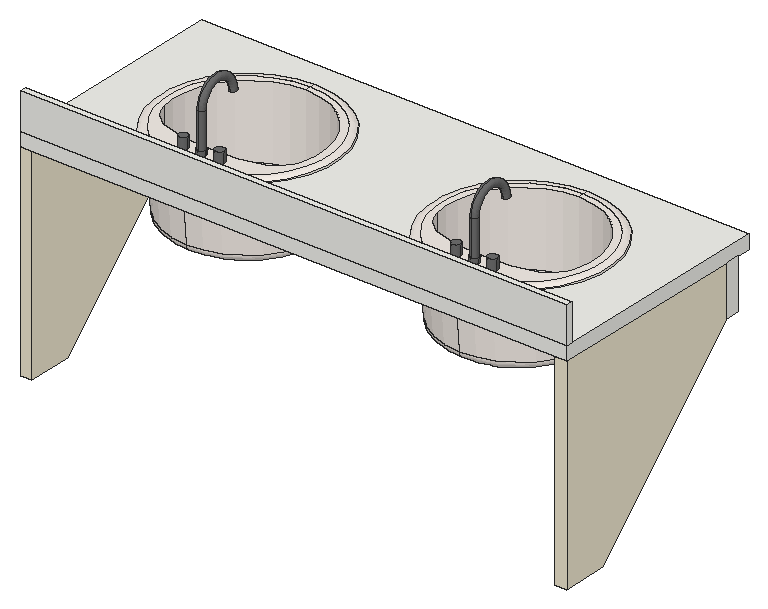
Revit family "Counter Top w Sinks-3D", category Casework, host Wall, Revit 2021
Family settings
  Host = Wall
  Always vertical = Yes
  Cut with Voids When Loaded = No
  Shared = Yes
  Room Calculation Point = No
Parameters (values of type "60"")
  Number Of Sinks [instance] = Length / 2' 6"  # 2
  Height = 2' - 10"
  Distance To Sink Center [instance] = Length / (Number Of Sinks * 2) * 1  # 1' - 3"
  Default Elevation = 0' - 0"
  Counter Top Material = Counter Top
  Base Material = Laminate
  Assembly Code = "C1030400"
  Clear Space = 2' - 3"
  Counter Thickness = 0' - 1 1/2"
  Depth = 2' - 1"
  Length [instance] = 5' - 0"
Reference planes (in)
  plane 1: y = 0
  plane 2 "Top Of Counter": z = 34
  plane 3: y = 4
  plane 4: x = 13.05865
  plane 5: z = 32.5
  plane 6: y = 29
  plane 7 "Right": x = -43.94135
  plane 8 "Center (L/R)": x = 16.05865
  plane 9: z = 27
  plane 10 "Mid": x = -13.94135
  plane 11: x = -28.94135
  plane 12: y = 16.5
  plane 13: x = 1.05865
Forms (in)
  Extrusion 1, solid, material "Counter Top" <- "Counter Top Material"
    sketch origin (0, 0, 34) x (0, 1, 0) y (-1, 0, 0)
      loop
        line (4, 43.94135) -> (4, -16.05865) -> (29, -16.05865) -> (29, 43.94135) -> (4, 43.94135)
    from 0 to -1.5
  Extrusion 2, solid, material "Counter Top" <- "Counter Top Material"
    sketch origin (0, 0, 34) x (0, 1, 0) y (-1, 0, 0)
      loop
        line (4, 43.94135) -> (4, -16.05865) -> (4.75, -16.05865) -> (4.75, 43.94135) -> (4, 43.94135)
    from 0 to 4
  Extrusion 3, solid, material "Counter Top" <- "Counter Top Material"
    sketch origin (16.05865, 0, 0) x (0, -1, 0) y (0, 0, 1)
      loop
        line (-27.5, 32.5) -> (-27.5, 27) -> (-26, 27) -> (-26, 32.5) -> (-27.5, 32.5)
    from 0 to 60
  Extrusion 4, solid, material "Laminate" <- "Base Material"
    sketch origin (16.05865, 0, 0) x (0, -1, 0) y (0, 0, 1)
      loop
        line (-26, 32.5) -> (-26, 27) -> (-9, 10) -> (-4, 10) -> (-4, 32.5) -> (-26, 32.5)
    from 0 to 1.25
  Extrusion 5, solid, material "Laminate" <- "Base Material"
    sketch origin (-43.94135, 0, 0) x (0, 1, 0) y (0, 0, 1)
      loop
        line (26, 32.5) -> (4, 32.5) -> (4, 10) -> (9, 10) -> (26, 27) -> (26, 32.5)
    from 0 to 1.25
  Extrusion 6, void
    sketch origin (-9, 0, 0) x (1, 0, 0) y (0, 1, 0)
      loop
        circle (-19.94135, 16.5) r 9
    from 27 to 34
  Extrusion 7, void
    sketch origin (21, 0, 0) x (1, 0, 0) y (0, 1, 0)
      loop
        circle (-19.94135, 16.5) r 9
    from 27 to 34
Cuts and joins
  Extrusion 6, Extrusion 7 cuts Extrusion 1
  Extrusion 6, Extrusion 7 cuts Extrusion 2
  Extrusion 6, Extrusion 7 cuts Extrusion 3
  Extrusion 6, Extrusion 7 cuts Extrusion 4
  Extrusion 6, Extrusion 7 cuts Extrusion 5
Lines and regions (in)
  symbolic lines
    curve 1: line (16.05865, 4.75, 0) -> (-43.94135, 4.75, 0)
    curve 2: line (-43.94135, 4, 0) -> (16.05865, 4, 0)
    curve 3: line (-43.94135, 29, 0) -> (-43.94135, 4, 0)
    curve 4: line (16.05865, 29, 0) -> (-43.94135, 29, 0)
    curve 5: line (16.05865, 4, 0) -> (16.05865, 29, 0)
Text (in)
  text "Interior" at (0, 40.15149, 123.01588), in view "Right"
  text "Interior" at (55.94825, 10.67177, 0), in view "Floor Line"
  text "Interior" at (0, 47.49176, 92.21547), in view "Left"
Dimensions and locks (in)
  "Height": host wall to plane 2 "Top Of Counter"
  "Counter Thickness": plane 5 to plane 2 "Top Of Counter"
  "Depth": plane 3 to plane 6
  "Length": plane 7 "Right" to plane 8 "Center (L/R)"
  "Clear Space": level to plane 9
  equal spacing: plane 7 "Right", plane 10 "Mid", plane 8 "Center (L/R)"
  equal spacing: plane 6, plane 12, plane 3
  group 1 to group 2 = 2' - 6"
  group 1 to group 2 = 0' - 0"  (x2)
  "Distance To Sink Center": plane 7 "Right" to plane 11
  "Distance To Sink Center": plane 13 to plane 8 "Center (L/R)"
  aligned and locked: plane 3 to host wall
  aligned and locked: Extrusion 1 to plane 8 "Center (L/R)"
  aligned and locked: Extrusion 1 sketch curve to plane 8 "Center (L/R)"
  aligned and locked: Extrusion 1 sketch curve to plane 7 "Right"
  aligned and locked: Extrusion 1 to plane 2 "Top Of Counter"  (x2)
  aligned and locked: Extrusion 1 to plane 5
  aligned and locked: Extrusion 1 to Extrusion 3 sketch curve
  aligned and locked: Extrusion 3 sketch curve to plane 9
  aligned and locked: Extrusion 1 to Extrusion 3  (x2)
  aligned and locked: plane 2 "Top Of Counter" to nested 1
  aligned and locked: Extrusion 6 to plane 2 "Top Of Counter"
  aligned and locked: cut or joined group of Extrusion 3, Extrusion 6, Extrusion 7 to Extrusion 6
  aligned and locked: nested 1 to plane 11
  aligned and locked: nested 1 to plane 12
  aligned and locked: plane 13 to nested 2
  aligned and locked: nested 2 to plane 12
Automatic sketch dimensions
  Extrusion 2 sketch curve to plane 3 = 0' - 0"
  Extrusion 1 sketch curve to host wall = 0' - 0"
  Extrusion 1 sketch curve to plane 6 = 0' - 0"
  Extrusion 2 sketch curve to plane 8 "Center (L/R)" = 0' - 0"
  Extrusion 2 sketch curve to plane 7 "Right" = 0' - 0"
  Extrusion 2 sketch curve to Extrusion 2 sketch curve = 0' - 0 3/4"
  Extrusion 3 sketch curve to plane 6 = 0' - 1 1/2"
  Extrusion 3 sketch curve to Extrusion 3 sketch curve = 0' - 1 1/2"
  Extrusion 4 sketch curve to plane 5 = 0' - 0"
  Extrusion 4 sketch curve to host wall = 0' - 0"
  host wall to Extrusion 4 sketch curve = 0' - 5"
  Extrusion 4 sketch curve to plane 6 = 0' - 3"
  Extrusion 4 sketch curve to Extrusion 4 sketch curve = 0' - 5 1/2"
  level to Extrusion 4 sketch curve = 0' - 10"
  Extrusion 5 sketch curve to host wall = 0' - 0"
  Extrusion 5 sketch curve to plane 5 = 0' - 0"
  host wall to Extrusion 5 sketch curve = 0' - 5"
  Extrusion 5 sketch curve to plane 6 = 0' - 3"
  Extrusion 5 sketch curve to Extrusion 5 sketch curve = 0' - 5 1/2"
  level to Extrusion 5 sketch curve = 0' - 10"
  curve 3 to plane 7 "Right" = 0' - 0"
  curve 5 to host wall = 0' - 0"
  curve 5 to plane 8 "Center (L/R)" = 0' - 0"
  curve 5 to plane 6 = 0' - 0"
  curve 2 to curve 1 = 0' - 0 3/4"
  Extrusion 6 sketch curve to Extrusion 6 sketch curve = 0' - 9"
  Extrusion 7 sketch curve to Extrusion 7 sketch curve = 0' - 9"
  Extrusion 6 sketch curve to Extrusion 6 sketch curve = 0' - 0"  (x2)
  Extrusion 7 sketch curve to Extrusion 7 sketch curve = 0' - 0"  (x2)
Nested families (in)
  nested 1: "Sink Vanity-Round" at (-25.13616, 19.85306, 3) x (-1, 0, 0) z (0, 0, 1), type "19" x 19""
  nested 2: "Sink Vanity-Round" at (4.86384, 19.85306, 3) x (-1, 0, 0) z (0, 0, 1), type "19" x 19""
Definition of nested family "Sink Vanity-Round"
  Parameters
    Default Elevation = 0' - 0"
    Assembly Code = "D2010400"
    Basin Material = none
    Faucet Material = none
    Top Of Counter = 2' - 7"
  Reference planes (in)
    plane 1: z = 0
    plane 2 "Center (Left/Right)": x = 3.80519
    plane 3: z = 31
    plane 4: z = 31.375
    plane 5: x = -5.69481
    plane 6: x = 13.30519
    plane 7: y = 3.35306
    plane 8: y = 12.85306
    plane 9: y = -6.14694
    plane 10: y = 5.36427
    plane 11 "cold": x = 5.80519
    plane 12 "hot": x = 1.80519
    plane 13: y = 9.72806
    plane 14 "sweep": x = 3.80519
    plane 15: y = 9.72806
    plane 16: z = 32.5
    plane 17: z = 22.5
    plane 18: z = 31.8567
  Forms (in)
    Revolve 1, solid, material <- "Basin Material"
      sketch origin (3.80519, 0, 0) x (0, 1, 0) y (0, 0, 1)
        loop
          line (12.85306, 31) -> (12.85306, 31.15625)
          arc (12.85306, 31.15625) -> (12.46659, 31.34741) -> (12.03632, 31.375) r 1.0978
          line (12.03632, 31.375) -> (3.35306, 31.375) -> (3.35306, 22.5) -> (10.92369, 22.5)
          arc (10.92369, 22.5) -> (11.50477, 22.74582) -> (11.733, 23.33403) r 0.80967
          line (11.733, 23.33403) -> (12.38431, 31) -> (12.85306, 31)
        axis (3.35306, 31.375) -> (3.35306, 22.5)
      angle from 0 to 360
    Extrusion 2, solid
      sketch origin (0, 0, 0) x (1, 0, 0) y (0, 1, 0)
        loop
          circle (3.80519, 3.35306) r 0.8125
      from 23.33403 to 22.5
    Extrusion 3, solid, material <- "Faucet Material"
      sketch origin (0, 0, 0) x (1, 0, 0) y (0, 1, 0)
        loop
          circle (5.80519, 9.72806) r 0.5
      from 32.5 to 31.375
    Extrusion 4, solid, material <- "Faucet Material"
      sketch origin (-4, 0, 0) x (1, 0, 0) y (0, 1, 0)
        loop
          circle (5.80519, 9.72806) r 0.5
      from 32.5 to 31.375
    Extrusion 5, solid, material <- "Faucet Material"
      sketch origin (-2, 0, 0) x (1, 0, 0) y (0, 1, 0)
        loop
          circle (5.80519, 9.72806) r 0.5
      from 31.375 to 31.8567
    Sweep 6, solid, material <- "Faucet Material"
      path origin (3.80519, 0, 0) x (0, -1, 0) y (0, 0, 1)
        loop
          line (-9.72806, 31.375) -> (-9.72806, 35.8125)
          arc (-9.72806, 35.8125) -> (-7.54617, 37.99439) -> (-5.36427, 35.8125) r 2.18189
      profile origin (3.80519, 0, 33.59375) x (0, 1, 0) y (-1, 0, 0)
        loop
          circle (9.72806, 0) r 0.375
    Extrusion 7, void
      sketch origin (0, 0, 0) x (1, 0, 0) y (0, 1, 0)
        loop
          arc (-2.05329, 7.64119) -> (-3.16704, 6.66816) -> (-3.86497, 5.36427) r 4.11612
          arc (-3.86497, 5.36427) -> (3.80519, -4.5764) -> (11.47535, 5.36427) r 7.92946
          arc (11.47535, 5.36427) -> (10.77741, 6.66816) -> (9.66366, 7.64119) r 4.11612
          arc (9.66366, 7.64119) -> (3.80519, 8.63253) -> (-2.05329, 7.64119) r 17.80642
      from 31.375 to 23.33403
  Cuts and joins
    Extrusion 7 cuts Revolve 1
    Extrusion 7 cuts Extrusion 2
    Extrusion 7 cuts Extrusion 3
    Extrusion 7 cuts Extrusion 4
    Extrusion 7 cuts Extrusion 5
    Extrusion 7 cuts Sweep 6
  Lines and regions (in)
    symbolic lines
      curve 1: arc (13.30519, 3.35306, 0) -> (3.80519, 12.85306, 0) -> (-5.69481, 3.35306, 0) r 9.5
      curve 2: arc (-5.69481, 3.35306, 0) -> (3.80519, -6.14694, 0) -> (13.30519, 3.35306, 0) r 9.5
      curve 3: arc (4.61769, 3.35306, 0) -> (3.80519, 4.16556, 0) -> (2.99269, 3.35306, 0) r 0.8125
      curve 4: arc (2.99269, 3.35306, 0) -> (3.80519, 2.54056, 0) -> (4.61769, 3.35306, 0) r 0.8125
      curve 5: arc (6.30519, 9.72806, 0) -> (5.80519, 10.22806, 0) -> (5.30519, 9.72806, 0) r 0.5
      curve 6: arc (5.30519, 9.72806, 0) -> (5.80519, 9.22806, 0) -> (6.30519, 9.72806, 0) r 0.5
      curve 7: arc (4.18019, 9.72806, 0) -> (3.80519, 10.10306, 0) -> (3.43019, 9.72806, 0) r 0.375
      curve 8: arc (2.30519, 9.72806, 0) -> (1.80519, 10.22806, 0) -> (1.30519, 9.72806, 0) r 0.5
      curve 9: arc (1.30519, 9.72806, 0) -> (1.80519, 9.22806, 0) -> (2.30519, 9.72806, 0) r 0.5
      curve 10: arc (-3.86497, 5.36427, 0) -> (3.80519, -4.5764, 0) -> (11.47535, 5.36427, 0) r 7.92946
      curve 11: arc (-3.86497, 5.36427, 0) -> (-3.16704, 6.66816, 0) -> (-2.05329, 7.64119, 0) r 4.11612
      curve 12: arc (11.47535, 5.36427, 0) -> (10.77741, 6.66816, 0) -> (9.66366, 7.64119, 0) r 4.11612
      curve 13: arc (-2.05329, 7.64119, 0) -> (0.64959, 8.35069, 0) -> (3.43019, 8.62858, 0) r 17.80642
      curve 14: line (3.43019, 9.72806, 0) -> (3.43019, 5.36427, 0)
      curve 15: line (4.18019, 9.72806, 0) -> (4.18019, 5.36427, 0)
      curve 16: arc (3.43019, 5.36427, 0) -> (3.80519, 4.98927, 0) -> (4.18019, 5.36427, 0) r 0.375
      curve 17: arc (4.18019, 8.62858, 0) -> (6.96078, 8.35069, 0) -> (9.66366, 7.64119, 0) r 17.80642
  Dimensions and locks (in)
    locked: plane 4 to plane 3 at 0.375
    locked: plane 5 to plane 2 "Center (Left/Right)" at 9.5
    locked: plane 2 "Center (Left/Right)" to plane 6 at 9.5
    plane 7 to plane 8 = 0' - 9 1/2"
    plane 9 to plane 7 = 0' - 9 1/2"
    plane 1 to plane 3 = 2' - 7"
    locked: plane 12 "hot" to plane 2 "Center (Left/Right)" at 2
    locked: plane 2 "Center (Left/Right)" to plane 11 "cold" at 2
    locked: plane 13 to plane 8 at 3.125
    "Top Of Counter": plane 3 to plane 1
    locked: plane 16 to plane 3 at 1.5
    locked: plane 3 to plane 17 at 8.5
    plane 18 to plane 4 = 0' - 0.4817"
    aligned and locked: plane 16 to Extrusion 3
    aligned and locked: plane 4 to Extrusion 3
    aligned and locked: Extrusion 3 to Extrusion 4
    aligned and locked: plane 4 to Extrusion 4
    aligned and locked: Revolve 1 sketch curve to plane 17
    aligned and locked: Extrusion 7 to Revolve 1
    aligned and locked: Extrusion 7 to plane 4
    aligned and locked: Extrusion 2 to cut or joined group of Revolve 1, Extrusion 7
    aligned and locked: plane 17 to Extrusion 2
    aligned and locked: Extrusion 5 to plane 18
    aligned and locked: plane 4 to Extrusion 5
  Automatic sketch dimensions
    Extrusion 2 sketch curve to plane 7 = 0' - 0"
    Extrusion 2 sketch curve to plane 2 "Center (Left/Right)" = 0' - 0"
    Extrusion 2 sketch curve to plane 2 "Center (Left/Right)" = 0' - 0 13/16"
    Extrusion 3 sketch curve to plane 13 = 0' - 0"
    Extrusion 3 sketch curve to plane 11 "cold" = 0' - 0"
    Extrusion 3 sketch curve to Extrusion 3 sketch curve = 0' - 0 1/2"
    Extrusion 4 sketch curve to Extrusion 4 sketch curve = 0' - 0 1/2"
    Extrusion 4 sketch curve to plane 13 = 0' - 0"
    Extrusion 4 sketch curve to plane 11 "cold" = 0' - 4"
    Extrusion 5 sketch curve to Extrusion 5 sketch curve = 0' - 0 1/2"
    Extrusion 5 sketch curve to plane 13 = 0' - 0"
    Extrusion 5 sketch curve to plane 11 "cold" = 0' - 2"
    Sweep 6 sketch curve to plane 13 = 0' - 0"
    Sweep 6 sketch curve to plane 10 = 0' - 0"
    Sweep 6 sketch curve to plane 4 = 0' - 0"
    Sweep 6 sketch curve to plane 3 = 0' - 4 13/16"
    Sweep 6 sketch curve to plane 14 "sweep" = 0' - 0"
    Sweep 6 sketch curve to profile plane = 0' - 0"
    profile plane to Sweep 6 sketch curve = 0' - 0 3/8"
    Revolve 1 sketch curve to plane 7 = 0' - 0"  (x2)
    Revolve 1 sketch curve to level = 0' - 0"
    Revolve 1 sketch curve to plane 4 = 0' - 0"  (x2)
    Revolve 1 sketch curve to plane 3 = 0' - 0"
    Revolve 1 sketch curve to plane 8 = 0' - 0"
    plane 8 to Revolve 1 sketch curve = 0' - 1.92937"
    Revolve 1 sketch curve to Revolve 1 sketch curve = 0' - 0.8093"
    plane 8 to Revolve 1 sketch curve = 0' - 0.81674"
    Revolve 1 sketch curve to Revolve 1 sketch curve = 0' - 0.67048"
    plane 8 to Revolve 1 sketch curve = 0' - 0 15/32"
    Revolve 1 sketch curve to Revolve 1 sketch curve = 0' - 0.80967"
    Revolve 1 sketch curve to Revolve 1 sketch curve = 0' - 0.71301"
    Extrusion 7 sketch curve to plane 10 = 0' - 0"  (x2)
    Extrusion 7 sketch curve to plane 2 "Center (Left/Right)" = 0' - 0"  (x2)
    Extrusion 7 sketch curve to plane 7 = 0' - 0"
    Extrusion 7 sketch curve to plane 7 = 0' - 0.75228"  (x2)
    Extrusion 7 sketch curve to plane 2 "Center (Left/Right)" = 0' - 3.75129"
    Extrusion 7 sketch curve to Extrusion 7 sketch curve = 0' - 2.10718"
    Extrusion 7 sketch curve to Extrusion 7 sketch curve = 0' - 1.81169"
    plane 2 "Center (Left/Right)" to Extrusion 7 sketch curve = 0' - 3.75129"
    plane 9 to Extrusion 7 sketch curve = 0' - 3.02695"
    curve 2 to plane 5 = 0' - 0"
    curve 10 to plane 10 = 0' - 0"
    curve 9 to plane 13 = 0' - 0"
    curve 9 to plane 12 "hot" = 0' - 0"
    curve 3 to plane 7 = 0' - 0"
    curve 14 to plane 13 = 0' - 0"
    curve 16 to plane 10 = 0' - 0"
    curve 16 to plane 2 "Center (Left/Right)" = 0' - 0"
    curve 13 to plane 2 "Center (Left/Right)" = 0' - 0"
    curve 4 to plane 2 "Center (Left/Right)" = 0' - 0"
    curve 1 to plane 2 "Center (Left/Right)" = 0' - 0"
    curve 10 to plane 2 "Center (Left/Right)" = 0' - 0"
    curve 17 to plane 2 "Center (Left/Right)" = 0' - 0"
    curve 6 to plane 13 = 0' - 0"
    curve 6 to plane 11 "cold" = 0' - 0"
    curve 12 to plane 10 = 0' - 0"
    curve 2 to plane 7 = 0' - 0"
    curve 10 to plane 7 = 0' - 0"
    curve 10 to plane 5 = 0' - 1.82984"
    curve 11 to plane 10 = 0' - 2.27691"
    curve 10 to curve 11 = 0' - 1.81169"
    curve 11 to plane 7 = 0' - 0.75228"
    curve 9 to curve 8 = 0' - 0 1/2"
    curve 3 to plane 2 "Center (Left/Right)" = 0' - 0 13/16"
    curve 14 to plane 2 "Center (Left/Right)" = 0' - 0 3/8"
    curve 6 to curve 5 = 0' - 0 1/2"
    curve 12 to plane 7 = 0' - 0.75228"
    curve 3 to curve 12 = 0' - 2.93879"
    curve 17 to curve 10 = 0' - 1.81169"
    plane 9 to curve 17 = 0' - 3.02695"
    curve 13 to curve 17 = 0' - 0"
